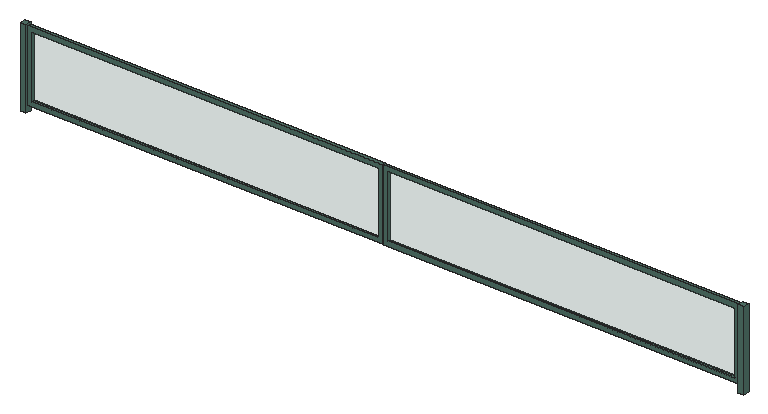
Revit family "Ворота распашные_PROM_UXXL_BARS", category Специальное оборудование, Revit 2019
Family settings
  Размер круглого соединителя = Использовать диаметр
  Тип детали = Нормальный
  На основе рабочей плоскости = Нет
  Всегда вертикально = Да
  При загрузке вырезать с полостями = Нет
  Общий = Нет
  Точка расчета площади = Нет
Parameters (values of type "PROM-UXXL_Фланец под винтовую опору")
  Ширина рамки = 60 mm
  Ширина открывания [instance] = Ширина / 2  # 5000 mm
  Ширина [instance] = 10000 mm
  Т = "UXXL_BARS"  # constant formula
  Фланец под винтовую опору (SITgs) = yes
  Фланец (SIT) = no
  Тип крепления = if([Бетонирование в кондукторе (SIC)], 1, if([Бетонирование столбы (SI)], 2, if([Фланец (SIT)], 3, if([Фланец под винтовую опору (SITgs)], 4, 0))))  # 4
  Сечение столба = 80 mm
  Материал_Столбы = FENSYS_Столб
  Материал_Сетка = FENSYS_Рейка
  Изготовитель = "FENSYS"  # constant formula
  Высота [instance] = 1100 mm
  Бетонирование столбы (SI) = no
  Бетонирование в кондукторе (SIC) = no
  Глубина столба = if(or([Бетонирование в кондукторе (SIC)], [Бетонирование столбы (SI)]), 500 mm, 0 mm)  # 0 mm
  URL = "https://www.fensys.ru/produkciya/vorota_1.html"
  ADSK_Размер_Ширина [instance] = Ширина  # 10000 mm
  ADSK_Размер_Высота [instance] = Высота  # 1100 mm
  ADSK_Обозначение = "UXXL/SITgs/BARS"
  ADSK_Наименование [instance] = size_lookup(Т, "", "Не найдено", ADSK_Размер_Высота, ADSK_Размер_Ширина, Тип крепления)  # "Ворота распашные серии PROM-UXXL: HxW 1100x10000 (оси столбов 10200, профиль 200х200х8мм), заполнение BARS, столбы с регулируемыми петлями, под крепление на винтовых опорах"
  ADSK_Масса [instance] = size_lookup(Т, "ADSK_Масса", 0, ADSK_Размер_Высота, ADSK_Размер_Ширина, Тип крепления)  # 315
  ADSK_Комплект = "Ворота распашные"  # constant formula
  ADSK_Код изделия [instance] = size_lookup(Т, "ADSK_Код изделия", "Не найдено", ADSK_Размер_Высота, ADSK_Размер_Ширина, Тип крепления)  # "46260U"
  ADSK_Завод-изготовитель = Изготовитель  # "FENSYS"
  ADSK_Единица измерения = "шт."  # constant formula
Types (5, lengths in mm): name | Фланец под винтовую опору (SITgs) | Фланец (SIT) | Тип крепления | Бетонирование столбы (SI) | Бетонирование в кондукторе (SIC) | Глубина столба | ADSK_Обозначение | ADSK_Наименование | ADSK_Масса | ADSK_Код изделия
  (no name) | yes | no | 4 | no | no | 0 | "UXXL/SITgs/BARS" | "Ворота распашные серии PROM-UXXL: HxW 1100x10000 (оси столбов 10200, профиль 200х200х8мм), заполнение BARS, столбы с регулируемыми петлями, под крепление на винтовых опорах" | 315 | "46260U"
  PROM-UXXL_Под бетонирование | no | no | 2 | yes | no | 500 | "UXXL/SI/BARS" | "Ворота распашные серии PROM-UXXL: HxW 1100x10000 (оси столбов 10200, профиль 200х200х8мм), заполнение BARS, столбы с регулируемыми петлями, под бетонирование" | 457 | "45780U"
  PROM-UXXL_Фланец | no | yes | 3 | no | no | 0 | "UXXL/SIT/BARS" | "Ворота распашные серии PROM-UXXL: HxW 1100x10000 (оси столбов 10200, профиль 200х200х8мм), заполнение BARS, столбы с регулируемыми петлями, на фланцах под анкерное крепление на бетон" | 435 | "45620U"
  PROM-UXXL_Фланец под винтовую опору | yes | no | 4 | no | no | 0 | "UXXL/SITgs/BARS" | "Ворота распашные серии PROM-UXXL: HxW 1100x10000 (оси столбов 10200, профиль 200х200х8мм), заполнение BARS, столбы с регулируемыми петлями, под крепление на винтовых опорах" | 315 | "46260U"
  PROM-UXL_Бетонирование в кондукторе | no | no | 1 | no | yes | 500 | "UXXL/SIC/BARS" | "Ворота распашные серии PROM-UXXL: HxW 1100x10000 (оси столбов 10200, профиль 200х200х8мм), заполнение BARS, столбы с регулируемыми петлями, на фланцах под усиленное бетонирование на армокаркасах" | 569 | "45940U"
Reference planes
  plane 1 "По центру (Вперед/Назад)": y = 0
  plane 2: z = 0
  plane 3 "По центру (Влево/Вправо)": x = 0
  plane 4: x = 10160
  plane 5: y = 40
  plane 6: y = -40
  plane 7: x = 80
  plane 8: x = 10080
  plane 9: z = 1100
  plane 10: z = 100
  plane 11: z = 0
  plane 12: y = 20
  plane 13: y = -20
  plane 14: y = 2
  plane 15: y = -2
  plane 16: z = 1040
  plane 17: z = 1110
  plane 18: y = 2
  plane 19: y = -2
  plane 20: x = 5080
Forms (mm)
  Extrusion 1, solid, material "FENSYS_Столб" <- "Материал_Столбы"
    sketch origin (0, 0, 0) x (1, 0, 0) y (0, 1, 0)
      loop
        line (0, 40) -> (0, -40) -> (80, -40) -> (80, 40) -> (0, 40)
      loop
        line (10080, 40) -> (10080, -40) -> (10160, -40) -> (10160, 40) -> (10080, 40)
    from 0 to 1110
  Extrusion 2, solid, material "FENSYS_Рейка" <- "Материал_Сетка"
    sketch origin (0, 0, 0) x (1, 0, 0) y (0, 1, 0)
      loop
        line (140, 2) -> (140, -2) -> (5020, -2) -> (5020, 2) -> (140, 2)
    from 160 to 1040
  Extrusion 3, solid, material "FENSYS_Столб" <- "Материал_Столбы"
    sketch origin (0, 0, 0) x (1, 0, 0) y (0, 0, 1)
      loop
        line (80, 1100) -> (80, 100) -> (5075, 100) -> (5075, 1100) -> (80, 1100)
      loop
        line (10080, 100) -> (10080, 1100) -> (5085, 1100) -> (5085, 100) -> (10080, 100)
      loop
        line (140, 160) -> (5020, 160) -> (5020, 1040) -> (140, 1040) -> (140, 160)
      loop
        line (10020, 160) -> (10020, 1040) -> (5140, 1040) -> (5140, 160) -> (10020, 160)
    from -20 to 20
  Extrusion 4, solid, material "FENSYS_Рейка" <- "Материал_Сетка"
    sketch origin (1010, 0, 0) x (1, 0, 0) y (0, 1, 0)
      loop
        line (4130, 2) -> (4130, -2) -> (9010, -2) -> (9010, 2) -> (4130, 2)
    from 160 to 1040
Lines and regions (mm)
  Masking region 1, detail levels coarse
    outline origin (0, 0, 0) x (1, 0, 0) y (0, 1, 0)
      loop
        line (80, 20) -> (80, -20) -> (10080, -20) -> (10080, 20) -> (80, 20)
Dimensions and locks
  equal spacing: plane 6, plane 1 "По центру (Вперед/Назад)", plane 5
  "Сечение столба": plane 3 "По центру (Влево/Вправо)" to plane 7
  "Сечение столба": plane 8 to plane 4
  "ADSK_Размер_Высота": plane 9 to plane 2
  "Глубина столба": plane 2 to plane 11
  plane 10 to plane 2 = 100 mm
  plane 5 to plane 1 "По центру (Вперед/Назад)" = 40 mm
  equal spacing: plane 13, plane 1 "По центру (Вперед/Назад)", plane 12
  plane 1 "По центру (Вперед/Назад)" to plane 12 = 20 mm
  equal spacing: plane 15, plane 1 "По центру (Вперед/Назад)", plane 14
  locked: plane 1 "По центру (Вперед/Назад)" to plane 14 at 2
  "Ширина рамки": plane 9 to plane 16
  "ADSK_Размер_Ширина": plane 7 to plane 8
  locked: plane 17 to plane 9 at 10
  plane 19 to plane 18 = 4 mm
  Extrusion 1 to Extrusion 1 = 10160 mm
  "Сечение столба": plane 5 to plane 6
  equal spacing: plane 8, plane 20, plane 7
  aligned and locked: level to plane 2
  aligned and locked: Extrusion 1 sketch curve to plane 5
  aligned and locked: plane 5 to Extrusion 1 sketch curve
  aligned and locked: plane 6 to Extrusion 1 sketch curve
  aligned and locked: Extrusion 1 sketch curve to plane 6
  aligned and locked: Extrusion 1 sketch curve to plane 4
  aligned and locked: plane 8 to Extrusion 1 sketch curve
  aligned and locked: Extrusion 1 sketch curve to plane 7
  aligned and locked: plane 3 "По центру (Влево/Вправо)" to Extrusion 1 sketch curve
  aligned and locked: Extrusion 1 to plane 11
  aligned and locked: Extrusion 2 sketch curve to plane 14
  aligned and locked: Extrusion 2 sketch curve to plane 15
  aligned and locked: Extrusion 2 to plane 16
  aligned and locked: plane 8 to nested 1
  aligned and locked: nested 1 to plane 1 "По центру (Вперед/Назад)"
  aligned and locked: plane 1 "По центру (Вперед/Назад)" to nested 2
  aligned and locked: plane 7 to nested 2
  aligned and locked: Masking region 1 sketch curve to plane 12
  aligned and locked: Masking region 1 sketch curve to plane 13
  aligned and locked: plane 7 to Masking region 1 sketch curve
  aligned and locked: Masking region 1 sketch curve to plane 8
  aligned and locked: Extrusion 1 to plane 17
  aligned and locked: Extrusion 3 to plane 13
  aligned and locked: Extrusion 3 to plane 12
  aligned and locked: Extrusion 2 to Extrusion 3  (x2)
  aligned and locked: Extrusion 3 to plane 16
  aligned and locked: Extrusion 3 to Extrusion 2
  aligned and locked: plane 18 to Extrusion 4 sketch curve
  aligned and locked: Extrusion 4 sketch curve to plane 19
  aligned and locked: Extrusion 4 to Extrusion 3  (x4)
  aligned and locked: Extrusion 1 to plane 5
  aligned and locked: plane 6 to Extrusion 1
  aligned and locked: plane 16 to Extrusion 3
Automatic sketch dimensions
  plane 7 to Extrusion 2 sketch curve = 60 mm
  Extrusion 2 sketch curve to Extrusion 2 sketch curve = 4880 mm
  plane 7 to Extrusion 4 sketch curve = 5060 mm
  Extrusion 4 sketch curve to plane 8 = 60 mm
  Extrusion 3 sketch curve to plane 7 = 0 mm
  Extrusion 3 sketch curve to plane 16 = 0 mm  (x2)
  Extrusion 3 sketch curve to plane 10 = 0 mm  (x3)
  Extrusion 3 sketch curve to plane 9 = 0 mm  (x2)
  Extrusion 3 sketch curve to plane 8 = 0 mm
  plane 7 to Extrusion 3 sketch curve = 60 mm
  Extrusion 3 sketch curve to plane 20 = 5 mm
  Extrusion 3 sketch curve to plane 8 = 60 mm
  plane 10 to Extrusion 3 sketch curve = 60 mm  (x2)
  plane 20 to Extrusion 3 sketch curve = 5 mm
  plane 20 to Extrusion 3 sketch curve = 60 mm
  Extrusion 3 sketch curve to plane 20 = 60 mm
Nested families
  nested 1: "Открываение_Обозначение" at (10080, 0, 0) x (-1, 0, 0) z (0, 0, 1), Ширина <- "Ширина открывания", type "Открываение_Обозначение", detail levels coarse
    with Ширина 5000 mm
  nested 2: "Открываение_Обозначение" at (80, 0, 0), Ширина <- "Ширина открывания", type "Открываение_Обозначение", detail levels coarse
    with Ширина 5000 mm
Definition of nested family "Открываение_Обозначение"
  Parameters (values of type "Открываение_Обозначение")
    Ширина [instance] = 900 mm
  Reference planes
    plane 1 "По центру (Вперед/Назад)": y = 0
    plane 2: z = 0
    plane 3 "По центру (Влево/Вправо)": x = 0
    plane 4: x = 900
  Lines and regions (mm)
    detail lines, in view "Опорный уровень"
      curve 1: line (0, 0, 0) -> (779.423, 450, 0)
  Dimensions and locks
    "Ширина": plane 3 "По центру (Влево/Вправо)" to plane 4
    "Ширина": curve 1 to curve 1
    locked: plane 1 "По центру (Вперед/Назад)" to curve 1 (angle 30.00°)
    aligned and locked: plane 3 "По центру (Влево/Вправо)" to curve 1
    aligned and locked: plane 1 "По центру (Вперед/Назад)" to curve 1
